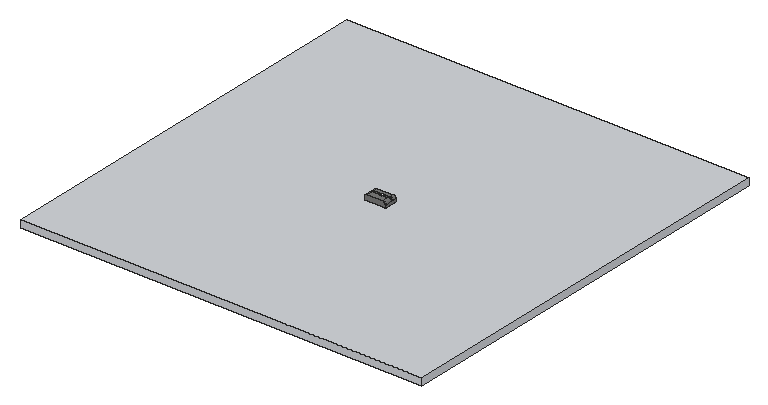
Revit family "Thorn VIOO", category Lighting Fixtures, host Face, Revit 2016
Family settings
  Host = Face
  Part Type = Normal
  Round Connector Dimension = Use Diameter
  OmniClass Number = 23.80.70.11
  OmniClass Title = Luminaries for Internal Lighting
  Cut with Voids When Loaded = No
  Light Source = Yes
  Shared = No
  Room Calculation Point = No
Parameters (values of type "VIOO 1L120 830 ANT")
  Width = 40.5 mm
  Wattage Comments = ""
  Wattage = 1.01655 W
  built-in parameter 1150110 = 1 (stored number, unit not read)
  Voltage = 230 V
  URL = "www.thornlighting.com/96271768"
  Type Comments = "© Thorn. We reserve the right to make technical changes without prior notice."  # constant formula
  built-in parameter 1114217 = 1 (stored number, unit not read)
  Tilt Angle = -90.00°
  built-in parameter 1150109 = 1 (stored number, unit not read)
  built-in parameter 1150134 = (empty or 0)
  built-in parameter 1150113 = 1 (stored number, unit not read)
  Reflector = Thorn_Glass_Self_llumination_Transparent
  Photometric Web File = "96271768_(STD).IES"
  Model = "96271768"
  Manufacturer = "Thorn Lighting"  # constant formula
  built-in parameter 1150105 = 12.016 (stored number, unit not read)
  Lumens = 151 lm
  built-in parameter 1150115 = 1 (stored number, unit not read)
  built-in parameter 1150137 = (empty or 0)
  built-in parameter 1150139 = (empty or 0)
  Length = 150 mm
  built-in parameter 1150112 = 1 (stored number, unit not read)
  built-in parameter 1150114 = 1 (stored number, unit not read)
  Lamp = "LED"
  built-in parameter 1150132 = 2
  built-in parameter 1150102 = (empty or 0)
  built-in parameter 1150107 = 3000 (stored number, unit not read)
  built-in parameter 1150138 = (empty or 0)
  built-in parameter 1150106 = 0.12016 (stored number, unit not read)
  Height = 88 mm
  Emit from Rectangle Width = 50 mm  # constant formula
  Emit from Rectangle Length = 15 mm  # constant formula
  Emit Shape Visible in Rendering = no
  built-in parameter 1150104 = 13.8 (stored number, unit not read)
  Dimming Lamp Color Temperature Shift = <None>
  Description = "LED luminaire"  # constant formula
  Default Elevation = 0 mm
  Color Filter = 16777215
  Body [instance] = Thorn_Metal_Dark_Grey
  built-in parameter 1114218 = 1 (stored number, unit not read)
  built-in parameter 1150133 = 10 (stored number, unit not read)
  Assembly Code = "D5020200"
  Apparent Load = 4.7 VA
Reference planes
  plane 1 "Back": z = 0
  plane 2 "Center (Left/Right)": x = 399.5
  plane 3: y = 7
  plane 4 "Bottom": y = -81
  plane 5 "Left": x = 324.5
  plane 6 "Right": x = 474.5
  plane 7 "Top": z = 40.5
  plane 8: y = -20
  plane 9 "Center (Front/Back)": y = -37
  plane 10: y = -35
Forms (mm)
  Extrusion 1, solid
    sketch origin (0, 0, 0) x (1, 0, 0) y (0, 1, 0)
      loop
        line (-1010.5, 1431.145) -> (-1010.5, -1431.145) -> (1809.5, -1431.145) -> (1809.5, 1431.145) -> (-1010.5, 1431.145)
    from 0 to -50
  Extrusion 2, solid, material "Thorn_Metal_Dark_Grey" <- "Body"
    sketch origin (0, -37, 0) x (-1, 0, 0) y (0, 0, 1)
      loop
        line (-344.5, 40.5) -> (-454.5, 40.5)
        arc (-454.5, 40.5) -> (-468.642, 34.642) -> (-474.5, 20.5) r 20
        line (-474.5, 20.5) -> (-474.5, 2.5) -> (-324.5, 2.5) -> (-324.5, 20.5)
        arc (-324.5, 20.5) -> (-330.358, 34.642) -> (-344.5, 40.5) r 20
    from 17 to 44
  Extrusion 3, solid, material "Thorn_Metal_Dark_Grey" <- "Body"
    sketch origin (0, -132, 0) x (-1, 0, 0) y (0, 0, 1)
      loop
        line (-344.5, 40.5) -> (-454.5, 40.5)
        arc (-454.5, 40.5) -> (-468.642, 34.642) -> (-474.5, 20.5) r 20
        line (-474.5, 20.5) -> (-474.5, 2.5) -> (-324.5, 2.5) -> (-324.5, 20.5)
        arc (-324.5, 20.5) -> (-330.358, 34.642) -> (-344.5, 40.5) r 20
    from 51 to 97
  Extrusion 4, solid, material "Thorn_Metal_Dark_Grey" <- "Body"
    sketch origin (0, -22, 0) x (-1, 0, 0) y (0, 0, 1)
      loop
        line (-324.5, 2.5) -> (-324.5, 20.5) -> (-474.5, 20.5) -> (-474.5, 2.5) -> (-324.5, 2.5)
    from -13 to 2
  Extrusion 5, solid, material "Thorn_Glass_Self_llumination_Transparent" <- "Reflector"
    sketch origin (0, -37, 0) x (-1, 0, 0) y (0, 0, 1)
      loop
        arc (-374.5, 20.5) -> (-399.5, 40.5) -> (-424.5, 20.5) r 25.625
        line (-424.5, 20.5) -> (-374.5, 20.5)
    from 2 to 17
  Extrusion 6, solid
    sketch origin (0, 0, 0) x (1, 0, 0) y (0, 1, 0)
      loop
        line (329.5, 2) -> (329.5, -76) -> (469.5, -76) -> (469.5, 2) -> (329.5, 2)
    from 0 to 2.5
Cuts and joins
  joined: Extrusion 2, Extrusion 3, Extrusion 4
Dimensions and locks
  "Length": plane 5 "Left" to plane 6 "Right"
  "Height": plane 3 to plane 4 "Bottom"
  equal spacing: plane 5 "Left", plane 2 "Center (Left/Right)", plane 6 "Right"
  equal spacing: plane 4 "Bottom", plane 9 "Center (Front/Back)", plane 3
  locked: plane 3 to plane 8 at 27
  aligned and locked: Extrusion 1 to plane 1 "Back"
  aligned and locked: Extrusion 3 to plane 10
  aligned and locked: plane 3 to Extrusion 2
  aligned and locked: plane 4 "Bottom" to Extrusion 3
  aligned and locked: plane 10 to Extrusion 4
  aligned and locked: Extrusion 4 to plane 8
  aligned and locked: Extrusion 5 to plane 8
  aligned and locked: plane 10 to Extrusion 5
  aligned and locked: Extrusion 6 to cut or joined group of Extrusion 2, Extrusion 3, Extrusion 4
  aligned and locked: imposter light to plane 7 "Top"
  aligned and locked: imposter light to plane 2 "Center (Left/Right)"
Automatic sketch dimensions
  Extrusion 1 sketch curve to Extrusion 1 sketch curve = 2820 mm
  Extrusion 1 sketch curve to Extrusion 1 sketch curve = 2862.29 mm
  plane 6 "Right" to Extrusion 2 sketch curve = 0 mm
  Extrusion 2 sketch curve to plane 5 "Left" = 0 mm
  plane 6 "Right" to Extrusion 2 sketch curve = 20 mm
  plane 5 "Left" to Extrusion 2 sketch curve = 20 mm
  level to Extrusion 2 sketch curve = 2.5 mm
  Extrusion 2 sketch curve to Extrusion 2 sketch curve = 18 mm
  plane 6 "Right" to Extrusion 3 sketch curve = 0 mm
  Extrusion 3 sketch curve to plane 5 "Left" = 0 mm
  plane 6 "Right" to Extrusion 3 sketch curve = 20 mm
  plane 5 "Left" to Extrusion 3 sketch curve = 20 mm
  level to Extrusion 3 sketch curve = 2.5 mm
  Extrusion 3 sketch curve to Extrusion 3 sketch curve = 18 mm
  plane 6 "Right" to Extrusion 4 sketch curve = 0 mm
  Extrusion 4 sketch curve to plane 5 "Left" = 0 mm
  level to Extrusion 4 sketch curve = 2.5 mm
  Extrusion 4 sketch curve to Extrusion 4 sketch curve = 18 mm
  plane 2 "Center (Left/Right)" to Extrusion 5 sketch curve = 0 mm
  level to Extrusion 5 sketch curve = 14.875 mm
  level to Extrusion 5 sketch curve = 20.5 mm
  Extrusion 6 sketch curve to plane 4 "Bottom" = 5 mm
  plane 5 "Left" to Extrusion 6 sketch curve = 5 mm
  plane 6 "Right" to Extrusion 6 sketch curve = 5 mm
  Extrusion 6 sketch curve to plane 3 = 5 mm
  Extrusion 5 sketch curve to plane 2 "Center (Left/Right)" = 25 mm
Connectors
  electrical at (399.5, -37, 0), driven by "Voltage", driven by "Apparent Load"
    settings: on Extrusion 6, index 1, voltage 230 V, apparent load 0 VA, apparent load phase1 4.7 VA, apparent load phase2 0 VA, apparent load phase3 0 VA, power factor 1, load classification "Lighting", number of poles 1, system type 30, power factor state 1, is connector primary yes, connector utility no, sub classification motor no, connector description "Power"
